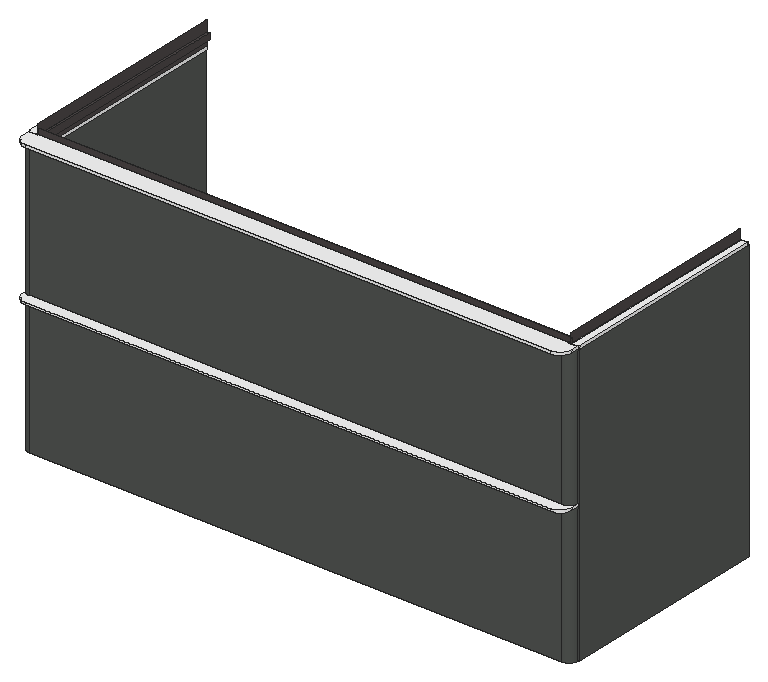
Revit family "vanity unit with 2 drawers", category Furniture, Revit 2019 (continued)
Definition of nested family "vanity unit 1180_475 with 2 drawers for washbasin-54037670-natural oak-matt_black-400_content"
  Forms (mm)
    Extrusion 3, solid, visible <- "ContentVisible", detail levels medium+fine
      sketch origin (0, 0, 0) x (1, 0, 0) y (0, 1, 0)
        loop
          line (574, 0) -> (574, -455) -> (587, -455)
          arc (587, -455) -> (589.121, -454.121) -> (590, -452) r 3
          line (590, -452) -> (590, 0) -> (574, 0)
      from 0 to 600
    Extrusion 4, solid, visible <- "ContentVisible", detail levels medium+fine
      sketch origin (0, 0, 2) x (1, 0, 0) y (0, 1, 0)
        loop
          line (-574, -72) -> (-574, -88) -> (574, -88) -> (574, -72) -> (-574, -72)
      from 0 to 126
    Extrusion 5, solid, visible <- "ContentVisible", detail levels medium+fine
      sketch origin (0, 0, 2) x (1, 0, 0) y (0, 1, 0)
        loop
          arc (-590, -457) -> (-584.435, -470.435) -> (-571, -476) r 19
          line (-571, -476) -> (571, -476)
          arc (571, -476) -> (584.435, -470.435) -> (590, -457) r 19
          line (590, -457) -> (590, -455) -> (-590, -455) -> (-590, -457)
      from 0 to 295
    Extrusion 6, solid, visible <- "ContentVisible", detail levels medium+fine
      sketch origin (0, 0, 305) x (1, 0, 0) y (0, 1, 0)
        loop
          arc (-590, -457) -> (-584.435, -470.435) -> (-571, -476) r 19
          line (-571, -476) -> (571, -476)
          arc (571, -476) -> (584.435, -470.435) -> (590, -457) r 19
          line (590, -457) -> (590, -455) -> (-590, -455) -> (-590, -457)
      from 0 to 295
    Extrusion 7, solid, visible <- "ContentVisible", detail levels medium+fine
      sketch origin (0, 0, 297) x (1, 0, 0) y (0, 1, 0)
        loop
          line (-588.5, -455) -> (-588.5, -471)
          arc (-588.5, -471) -> (-581.178, -488.678) -> (-563.5, -496) r 25
          line (-563.5, -496) -> (563.5, -496)
          arc (563.5, -496) -> (581.178, -488.678) -> (588.5, -471) r 25
          line (588.5, -471) -> (588.5, -455) -> (568.5, -455) -> (568.5, -453.5) -> (-568.5, -453.5) -> (-568.5, -455) -> (-588.5, -455)
      from 0 to 5
    Extrusion 8, solid, visible <- "ContentVisible", detail levels medium+fine
      sketch origin (0, 0, 0) x (0, 0, -1) y (0, 1, 0)
        loop
          line (-297, -453.5) -> (-297, -455) -> (-267, -455) -> (-267, -453.5) -> (-297, -453.5)
      from -568.5 to 568.5
    Extrusion 9, solid, visible <- "ContentVisible", detail levels medium+fine
      sketch origin (0, 0, 600) x (1, 0, 0) y (0, 1, 0)
        loop
          line (-588.5, -455) -> (-588.5, -471)
          arc (-588.5, -471) -> (-581.178, -488.678) -> (-563.5, -496) r 25
          line (-563.5, -496) -> (563.5, -496)
          arc (563.5, -496) -> (581.178, -488.678) -> (588.5, -471) r 25
          line (588.5, -471) -> (588.5, -455) -> (568.5, -455) -> (568.5, -453.5) -> (-568.5, -453.5) -> (-568.5, -455) -> (-588.5, -455)
      from 0 to 5
    Extrusion 10, solid, visible <- "ContentVisible", detail levels medium+fine
      sketch origin (0, 0, 0) x (0, 0, -1) y (0, 1, 0)
        loop
          line (-600, -453.5) -> (-600, -455) -> (-570, -455) -> (-570, -453.5) -> (-600, -453.5)
      from -568.5 to 568.5
    Extrusion 11, solid, visible <- "ContentVisible", detail levels medium+fine
      sketch origin (0, 0, 0) x (1, 0, 0) y (0, 0, -1)
        loop
          line (-574, -566.8) -> (-574, -605) -> (-572.5, -605) -> (-572.5, -566.8) -> (-574, -566.8)
      from -455 to 0
    Extrusion 12, solid, visible <- "ContentVisible", detail levels medium+fine
      sketch origin (0, 0, 0) x (1, 0, 0) y (0, 0, -1)
        loop
          line (572.5, -566.8) -> (572.5, -605) -> (574, -605) -> (574, -566.8) -> (572.5, -566.8)
      from -455 to 0
    Extrusion 13, solid, visible <- "ContentVisible", detail levels medium+fine
      sketch origin (0, 0, 600) x (1, 0, 0) y (0, 1, 0)
        loop
          line (-590, -3) -> (-590, -452)
          arc (-590, -452) -> (-589.121, -454.121) -> (-587, -455) r 3
          line (-587, -455) -> (-574, -455) -> (-574, 0) -> (-587, 0)
          arc (-587, 0) -> (-589.121, -0.879) -> (-590, -3) r 3
      from 0 to 5
    Extrusion 14, solid, visible <- "ContentVisible", detail levels medium+fine
      sketch origin (0, 0, 600) x (1, 0, 0) y (0, 1, 0)
        loop
          line (574, 0) -> (574, -455) -> (587, -455)
          arc (587, -455) -> (589.121, -454.121) -> (590, -452) r 3
          line (590, -452) -> (590, -3)
          arc (590, -3) -> (589.121, -0.879) -> (587, 0) r 3
          line (587, 0) -> (574, 0)
      from 0 to 5
    Extrusion 15, solid, visible <- "ContentVisible", detail levels medium+fine
      sketch origin (0, 0, 0) x (1, 0, 0) y (0, 0, -1)
        loop
          line (-572.5, -575.3) -> (-572.5, -624.5) -> (-571, -624.5) -> (-571, -602.8) -> (-566.4, -602.8) -> (-566.4, -588.3) -> (-571, -588.3) -> (-571, -575.3) -> (-572.5, -575.3)
      from -453.5 to 0
    Extrusion 16, solid, visible <- "ContentVisible", detail levels medium+fine
      sketch origin (0, 0, 0) x (1, 0, 0) y (0, 0, -1)
        loop
          line (566.4, -588.3) -> (566.4, -602.8) -> (571, -602.8) -> (571, -624.5) -> (572.5, -624.5) -> (572.5, -575.3) -> (571, -575.3) -> (571, -588.3) -> (566.4, -588.3)
      from -453.5 to 0
    Extrusion 17, solid, visible <- "ContentVisible", detail levels medium+fine
      sketch origin (0, 0, 0) x (0, 0, -1) y (0, 1, 0)
        loop
          line (-616, -453.5) -> (-567, -453.5) -> (-567, -452) -> (-588.5, -452) -> (-588.5, -447.4) -> (-603, -447.4) -> (-603, -452) -> (-616, -452) -> (-616, -453.5)
      from -572.5 to 572.5
    Extrusion 18, solid, visible <- "ContentVisible", detail levels coarse
      sketch origin (0, -248, 0) x (1, 0, 0) y (0, 1, 0)
        loop
          line (-590, -248) -> (590, -248) -> (590, 248) -> (-590, 248) -> (-590, -248)
      from 0 to 624.5
  Dimensions and locks
    aligned and locked: level to plane 2
Definition of nested family "vanity unit 1180_475 with 2 drawers for washbasin-54037700-natural oak-matt_white-200_content"
  Parameters (values of type "Vanity unit 1180_475 with 2 drawers for washbasin-54037700-Natural Oak-MATT_WHITE-200_Content")
    etim7_EC011381 = "EC011381"
    WEIGHT = "45.5"
    UNSPSC = "56 | Furniture and Furnishings"
    UNIFORMATII = "E2010 | Fixed Furnishings"
    UNICLASS_2015_CODE = "40_30_78_05"
    UNICLASS2015 = "Pr_40_30_78_05 | Bathroom furniture"
    SURFACE = "MATT_WHITE"
    REGIONSET = "Worldwide"
    PRODUCTURL = "https://pro.hansgrohe.com/articledetail--54037000"
    PRODUCTGROUP = "vanity unit"
    PRODUCTFAMILY = "Xelu Q"
    PERMALINK = "54037XXX"
    OMNICLASS = "23-21 19 15 33 13 | Residential Bathroom Specialty Casework"
    OBJECTTYPE = "Object (single object)"
    OBERFLAECHE = "Natural Oak"
    NN = "Vanity Unit with 2 Drawers"
    NBSYN = "$BASENUMBER.-$ARTNR.-$OBERFLAECHE.-$SURFACE.-$LODLEVEL."
    NB = "Vanity unit 1180/475 with 2 drawers for washbasin-54037700-Natural Oak-MATT_WHITE-200"
    NAME = "Xelu Q Vanity unit Natural Oak 1180/475 with 2 drawers for washbasin"
    Model = "Vanity unit 1180/475 with 2 drawers for washbasin-54037700-Natural Oak-MATT_WHITE-200"
    Manufacturer = "Hansgrohe"
    MASTERFORMAT = "12 35 30.23 | Bathroom Casework"
    LODLEVEL = "200"
    LINA = "Vanity unit 1180/475 with 2 drawers for washbasin-54037700-Natural Oak-MATT_WHITE-200"
    L = 1180
    IFC = "Furnishing element"
    GTINCODE = "4059625455746"
    ETIM = "EC011381 | Bathroom furniture set"
    Default Elevation = 1219.2 mm
    DESIGN = "Germany"
    ContentVisible [instance] = yes
    CATALOG = "Hansgrohe"
    BIMOBJECT = "Sanitary: Compound units"
    BASENUMBER = "Vanity unit 1180/475 with 2 drawers for washbasin"
    ARTNR = "54037700"
  Reference planes
    plane 1 "Center (Front/Back)": y = 0
    plane 2: z = 0
    plane 3 "Center (Left/Right)": x = 0
  Forms (mm)
    Extrusion 1, solid, visible <- "ContentVisible", detail levels medium+fine
      sketch origin (0, 0, 0) x (1, 0, 0) y (0, 1, 0)
        loop
          line (-590, 0) -> (-590, -476) -> (590, -476) -> (590, 0) -> (574, 0) -> (574, -72) -> (-574, -72) -> (-574, 0) -> (-590, 0)
      from 0 to 600
    Extrusion 2, solid, visible <- "ContentVisible", detail levels medium+fine
      sketch origin (0, 0, 297) x (1, 0, 0) y (0, 1, 0)
        loop
          line (-588.5, -453.5) -> (-588.5, -496) -> (588.5, -496) -> (588.5, -453.5) -> (-588.5, -453.5)
      from 0 to 5
    Extrusion 3, solid, visible <- "ContentVisible", detail levels medium+fine
      sketch origin (0, 0, 600) x (1, 0, 0) y (0, 1, 0)
        loop
          line (-588.5, -453.5) -> (-588.5, -496) -> (588.5, -496) -> (588.5, -453.5) -> (-588.5, -453.5)
      from 0 to 5
    Extrusion 4, solid, visible <- "ContentVisible", detail levels medium+fine
      sketch origin (0, 0, 0) x (1, 0, 0) y (0, 0, -1)
        loop
          line (-574, -566.8) -> (-574, -605) -> (-572.5, -605) -> (-572.5, -566.8) -> (-574, -566.8)
      from -455 to 0
    Extrusion 5, solid, visible <- "ContentVisible", detail levels medium+fine
      sketch origin (0, 0, 0) x (1, 0, 0) y (0, 0, -1)
        loop
          line (572.5, -566.8) -> (572.5, -605) -> (574, -605) -> (574, -566.8) -> (572.5, -566.8)
      from -455 to 0
    Extrusion 6, solid, visible <- "ContentVisible", detail levels medium+fine
      sketch origin (0, 0, 600) x (1, 0, 0) y (0, 1, 0)
        loop
          line (-590, 0) -> (-590, -455) -> (-574, -455) -> (-574, 0) -> (-590, 0)
      from 0 to 5
    Extrusion 7, solid, visible <- "ContentVisible", detail levels medium+fine
      sketch origin (0, 0, 600) x (1, 0, 0) y (0, 1, 0)
        loop
          line (574, 0) -> (574, -455) -> (590, -455) -> (590, 0) -> (574, 0)
      from 0 to 5
    Extrusion 8, solid, visible <- "ContentVisible", detail levels medium+fine
      sketch origin (0, 0, 0) x (1, 0, 0) y (0, 0, -1)
        loop
          line (-572.5, -575.3) -> (-572.5, -624.5) -> (-566.4, -624.5) -> (-566.4, -575.3) -> (-572.5, -575.3)
      from -453.5 to 0
    Extrusion 9, solid, visible <- "ContentVisible", detail levels medium+fine
      sketch origin (0, 0, 0) x (1, 0, 0) y (0, 0, -1)
        loop
          line (566.4, -575.3) -> (566.4, -624.5) -> (572.5, -624.5) -> (572.5, -575.3) -> (566.4, -575.3)
      from -453.5 to 0
    Extrusion 10, solid, visible <- "ContentVisible", detail levels medium+fine
      sketch origin (0, 0, 0) x (0, 0, -1) y (0, 1, 0)
        loop
          line (-616, -453.5) -> (-567, -453.5) -> (-567, -447.4) -> (-616, -447.4) -> (-616, -453.5)
      from -572.5 to 572.5
    Extrusion 11, solid, visible <- "ContentVisible", detail levels coarse
      sketch origin (0, -248, 0) x (1, 0, 0) y (0, 1, 0)
        loop
          line (-590, -248) -> (590, -248) -> (590, 248) -> (-590, 248) -> (-590, -248)
      from 0 to 624.5
  Dimensions and locks
    aligned and locked: level to plane 2
Definition of nested family "vanity unit 1180_475 with 2 drawers for washbasin-54037700-natural oak-matt_white-400_content"
  Parameters (values of type "Vanity unit 1180_475 with 2 drawers for washbasin-54037700-Natural Oak-MATT_WHITE-400_Content")
    etim7_EC011381 = "EC011381"
    WEIGHT = "45.5"
    UNSPSC = "56 | Furniture and Furnishings"
    UNIFORMATII = "E2010 | Fixed Furnishings"
    UNICLASS_2015_CODE = "40_30_78_05"
    UNICLASS2015 = "Pr_40_30_78_05 | Bathroom furniture"
    SURFACE = "MATT_WHITE"
    REGIONSET = "Worldwide"
    PRODUCTURL = "https://pro.hansgrohe.com/articledetail--54037000"
    PRODUCTGROUP = "vanity unit"
    PRODUCTFAMILY = "Xelu Q"
    PERMALINK = "54037XXX"
    OMNICLASS = "23-21 19 15 33 13 | Residential Bathroom Specialty Casework"
    OBJECTTYPE = "Object (single object)"
    OBERFLAECHE = "Natural Oak"
    NN = "Vanity Unit with 2 Drawers"
    NBSYN = "$BASENUMBER.-$ARTNR.-$OBERFLAECHE.-$SURFACE.-$LODLEVEL."
    NB = "Vanity unit 1180/475 with 2 drawers for washbasin-54037700-Natural Oak-MATT_WHITE-400"
    NAME = "Xelu Q Vanity unit Natural Oak 1180/475 with 2 drawers for washbasin"
    Model = "Vanity unit 1180/475 with 2 drawers for washbasin-54037700-Natural Oak-MATT_WHITE-400"
    Manufacturer = "Hansgrohe"
    MASTERFORMAT = "12 35 30.23 | Bathroom Casework"
    LODLEVEL = "400"
    LINA = "Vanity unit 1180/475 with 2 drawers for washbasin-54037700-Natural Oak-MATT_WHITE-400"
    L = 1180
    IFC = "Furnishing element"
    GTINCODE = "4059625455746"
    ETIM = "EC011381 | Bathroom furniture set"
    Default Elevation = 1219.2 mm
    DESIGN = "Germany"
    ContentVisible [instance] = yes
    CATALOG = "Hansgrohe"
    BIMOBJECT = "Sanitary: Compound units"
    BASENUMBER = "Vanity unit 1180/475 with 2 drawers for washbasin"
    ARTNR = "54037700"
  Reference planes
    plane 1 "Center (Front/Back)": y = 0
    plane 2: z = 0
    plane 3 "Center (Left/Right)": x = 0
  Forms (mm)
    Extrusion 1, solid, visible <- "ContentVisible", detail levels medium+fine
      sketch origin (0, 0, 0) x (1, 0, 0) y (0, 1, 0)
        loop
          line (-590, 0) -> (-590, -452)
          arc (-590, -452) -> (-589.121, -454.121) -> (-587, -455) r 3
          line (-587, -455) -> (-574, -455) -> (-574, 0) -> (-590, 0)
      from 0 to 600
    Extrusion 2, solid, visible <- "ContentVisible", detail levels medium+fine
      sketch origin (0, 0, 2) x (1, 0, 0) y (0, 1, 0)
        loop
          line (-574, -88) -> (-574, -455) -> (574, -455) -> (574, -88) -> (-574, -88)
      from 0 to 16
    Extrusion 3, solid, visible <- "ContentVisible", detail levels medium+fine
      sketch origin (0, 0, 0) x (1, 0, 0) y (0, 1, 0)
        loop
          line (574, 0) -> (574, -455) -> (587, -455)
          arc (587, -455) -> (589.121, -454.121) -> (590, -452) r 3
          line (590, -452) -> (590, 0) -> (574, 0)
      from 0 to 600
    Extrusion 4, solid, visible <- "ContentVisible", detail levels medium+fine
      sketch origin (0, 0, 2) x (1, 0, 0) y (0, 1, 0)
        loop
          line (-574, -72) -> (-574, -88) -> (574, -88) -> (574, -72) -> (-574, -72)
      from 0 to 126
    Extrusion 5, solid, visible <- "ContentVisible", detail levels medium+fine
      sketch origin (0, 0, 2) x (1, 0, 0) y (0, 1, 0)
        loop
          arc (-590, -457) -> (-584.435, -470.435) -> (-571, -476) r 19
          line (-571, -476) -> (571, -476)
          arc (571, -476) -> (584.435, -470.435) -> (590, -457) r 19
          line (590, -457) -> (590, -455) -> (-590, -455) -> (-590, -457)
      from 0 to 295
    Extrusion 6, solid, visible <- "ContentVisible", detail levels medium+fine
      sketch origin (0, 0, 305) x (1, 0, 0) y (0, 1, 0)
        loop
          arc (-590, -457) -> (-584.435, -470.435) -> (-571, -476) r 19
          line (-571, -476) -> (571, -476)
          arc (571, -476) -> (584.435, -470.435) -> (590, -457) r 19
          line (590, -457) -> (590, -455) -> (-590, -455) -> (-590, -457)
      from 0 to 295
    Extrusion 7, solid, visible <- "ContentVisible", detail levels medium+fine
      sketch origin (0, 0, 297) x (1, 0, 0) y (0, 1, 0)
        loop
          line (-588.5, -455) -> (-588.5, -471)
          arc (-588.5, -471) -> (-581.178, -488.678) -> (-563.5, -496) r 25
          line (-563.5, -496) -> (563.5, -496)
          arc (563.5, -496) -> (581.178, -488.678) -> (588.5, -471) r 25
          line (588.5, -471) -> (588.5, -455) -> (568.5, -455) -> (568.5, -453.5) -> (-568.5, -453.5) -> (-568.5, -455) -> (-588.5, -455)
      from 0 to 5
    Extrusion 8, solid, visible <- "ContentVisible", detail levels medium+fine
      sketch origin (0, 0, 0) x (0, 0, -1) y (0, 1, 0)
        loop
          line (-297, -453.5) -> (-297, -455) -> (-267, -455) -> (-267, -453.5) -> (-297, -453.5)
      from -568.5 to 568.5
    Extrusion 9, solid, visible <- "ContentVisible", detail levels medium+fine
      sketch origin (0, 0, 600) x (1, 0, 0) y (0, 1, 0)
        loop
          line (-588.5, -455) -> (-588.5, -471)
          arc (-588.5, -471) -> (-581.178, -488.678) -> (-563.5, -496) r 25
          line (-563.5, -496) -> (563.5, -496)
          arc (563.5, -496) -> (581.178, -488.678) -> (588.5, -471) r 25
          line (588.5, -471) -> (588.5, -455) -> (568.5, -455) -> (568.5, -453.5) -> (-568.5, -453.5) -> (-568.5, -455) -> (-588.5, -455)
      from 0 to 5
    Extrusion 10, solid, visible <- "ContentVisible", detail levels medium+fine
      sketch origin (0, 0, 0) x (0, 0, -1) y (0, 1, 0)
        loop
          line (-600, -453.5) -> (-600, -455) -> (-570, -455) -> (-570, -453.5) -> (-600, -453.5)
      from -568.5 to 568.5
    Extrusion 11, solid, visible <- "ContentVisible", detail levels medium+fine
      sketch origin (0, 0, 0) x (1, 0, 0) y (0, 0, -1)
        loop
          line (-574, -566.8) -> (-574, -605) -> (-572.5, -605) -> (-572.5, -566.8) -> (-574, -566.8)
      from -455 to 0
    Extrusion 12, solid, visible <- "ContentVisible", detail levels medium+fine
      sketch origin (0, 0, 0) x (1, 0, 0) y (0, 0, -1)
        loop
          line (572.5, -566.8) -> (572.5, -605) -> (574, -605) -> (574, -566.8) -> (572.5, -566.8)
      from -455 to 0
    Extrusion 13, solid, visible <- "ContentVisible", detail levels medium+fine
      sketch origin (0, 0, 600) x (1, 0, 0) y (0, 1, 0)
        loop
          line (-590, -3) -> (-590, -452)
          arc (-590, -452) -> (-589.121, -454.121) -> (-587, -455) r 3
          line (-587, -455) -> (-574, -455) -> (-574, 0) -> (-587, 0)
          arc (-587, 0) -> (-589.121, -0.879) -> (-590, -3) r 3
      from 0 to 5
    Extrusion 14, solid, visible <- "ContentVisible", detail levels medium+fine
      sketch origin (0, 0, 600) x (1, 0, 0) y (0, 1, 0)
        loop
          line (574, 0) -> (574, -455) -> (587, -455)
          arc (587, -455) -> (589.121, -454.121) -> (590, -452) r 3
          line (590, -452) -> (590, -3)
          arc (590, -3) -> (589.121, -0.879) -> (587, 0) r 3
          line (587, 0) -> (574, 0)
      from 0 to 5
    Extrusion 15, solid, visible <- "ContentVisible", detail levels medium+fine
      sketch origin (0, 0, 0) x (1, 0, 0) y (0, 0, -1)
        loop
          line (-572.5, -575.3) -> (-572.5, -624.5) -> (-571, -624.5) -> (-571, -602.8) -> (-566.4, -602.8) -> (-566.4, -588.3) -> (-571, -588.3) -> (-571, -575.3) -> (-572.5, -575.3)
      from -453.5 to 0
    Extrusion 16, solid, visible <- "ContentVisible", detail levels medium+fine
      sketch origin (0, 0, 0) x (1, 0, 0) y (0, 0, -1)
        loop
          line (566.4, -588.3) -> (566.4, -602.8) -> (571, -602.8) -> (571, -624.5) -> (572.5, -624.5) -> (572.5, -575.3) -> (571, -575.3) -> (571, -588.3) -> (566.4, -588.3)
      from -453.5 to 0
    Extrusion 17, solid, visible <- "ContentVisible", detail levels medium+fine
      sketch origin (0, 0, 0) x (0, 0, -1) y (0, 1, 0)
        loop
          line (-616, -453.5) -> (-567, -453.5) -> (-567, -452) -> (-588.5, -452) -> (-588.5, -447.4) -> (-603, -447.4) -> (-603, -452) -> (-616, -452) -> (-616, -453.5)
      from -572.5 to 572.5
    Extrusion 18, solid, visible <- "ContentVisible", detail levels coarse
      sketch origin (0, -248, 0) x (1, 0, 0) y (0, 1, 0)
        loop
          line (-590, -248) -> (590, -248) -> (590, 248) -> (-590, 248) -> (-590, -248)
      from 0 to 624.5
  Dimensions and locks
    aligned and locked: level to plane 2
Definition of nested family "vanity unit 1180_475 with 2 drawers for washbasin-54038000-dark walnut-chrome-200_content"
  Parameters (values of type "Vanity unit 1180_475 with 2 drawers for washbasin-54038000-Dark Walnut-CHROME-200_Content")
    etim7_EC011381 = "EC011381"
    WEIGHT = "45.5"
    UNSPSC = "56 | Furniture and Furnishings"
    UNIFORMATII = "E2010 | Fixed Furnishings"
    UNICLASS_2015_CODE = "40_30_78_05"
    UNICLASS2015 = "Pr_40_30_78_05 | Bathroom furniture"
    SURFACE = "CHROME"
    REGIONSET = "Worldwide"
    PRODUCTURL = "https://pro.hansgrohe.com/articledetail--54038000"
    PRODUCTGROUP = "vanity unit"
    PRODUCTFAMILY = "Xelu Q"
    PERMALINK = "54038XXX"
    OMNICLASS = "23-21 19 15 33 13 | Residential Bathroom Specialty Casework"
    OBJECTTYPE = "Object (single object)"
    OBERFLAECHE = "Dark Walnut"
    NN = "Vanity Unit with 2 Drawers"
    NBSYN = "$BASENUMBER.-$ARTNR.-$OBERFLAECHE.-$SURFACE.-$LODLEVEL."
    NB = "Vanity unit 1180/475 with 2 drawers for washbasin-54038000-Dark Walnut-CHROME-200"
    NAME = "Xelu Q Vanity unit Dark Walnut 1180/475 with 2 drawers for washbasin"
    Model = "Vanity unit 1180/475 with 2 drawers for washbasin-54038000-Dark Walnut-CHROME-200"
    Manufacturer = "Hansgrohe"
    MASTERFORMAT = "12 35 30.23 | Bathroom Casework"
    LODLEVEL = "200"
    LINA = "Vanity unit 1180/475 with 2 drawers for washbasin-54038000-Dark Walnut-CHROME-200"
    L = 1180
    IFC = "Furnishing element"
    GTINCODE = "4059625455715"
    ETIM = "EC011381 | Bathroom furniture set"
    Default Elevation = 1219.2 mm
    DESIGN = "Germany"
    ContentVisible [instance] = yes
    CATALOG = "Hansgrohe"
    BIMOBJECT = "Sanitary: Compound units"
    BASENUMBER = "Vanity unit 1180/475 with 2 drawers for washbasin"
    ARTNR = "54038000"
  Reference planes
    plane 1 "Center (Front/Back)": y = 0
    plane 2: z = 0
    plane 3 "Center (Left/Right)": x = 0
  Forms (mm)
    Extrusion 1, solid, visible <- "ContentVisible", detail levels medium+fine
      sketch origin (0, 0, 0) x (1, 0, 0) y (0, 1, 0)
        loop
          line (-590, 0) -> (-590, -476) -> (590, -476) -> (590, 0) -> (574, 0) -> (574, -72) -> (-574, -72) -> (-574, 0) -> (-590, 0)
      from 0 to 600
    Extrusion 2, solid, visible <- "ContentVisible", detail levels medium+fine
      sketch origin (0, 0, 297) x (1, 0, 0) y (0, 1, 0)
        loop
          line (-588.5, -453.5) -> (-588.5, -496) -> (588.5, -496) -> (588.5, -453.5) -> (-588.5, -453.5)
      from 0 to 5
    Extrusion 3, solid, visible <- "ContentVisible", detail levels medium+fine
      sketch origin (0, 0, 600) x (1, 0, 0) y (0, 1, 0)
        loop
          line (-588.5, -453.5) -> (-588.5, -496) -> (588.5, -496) -> (588.5, -453.5) -> (-588.5, -453.5)
      from 0 to 5
    Extrusion 4, solid, visible <- "ContentVisible", detail levels medium+fine
      sketch origin (0, 0, 0) x (1, 0, 0) y (0, 0, -1)
        loop
          line (-574, -566.8) -> (-574, -605) -> (-572.5, -605) -> (-572.5, -566.8) -> (-574, -566.8)
      from -455 to 0
    Extrusion 5, solid, visible <- "ContentVisible", detail levels medium+fine
      sketch origin (0, 0, 0) x (1, 0, 0) y (0, 0, -1)
        loop
          line (572.5, -566.8) -> (572.5, -605) -> (574, -605) -> (574, -566.8) -> (572.5, -566.8)
      from -455 to 0
    Extrusion 6, solid, visible <- "ContentVisible", detail levels medium+fine
      sketch origin (0, 0, 600) x (1, 0, 0) y (0, 1, 0)
        loop
          line (-590, 0) -> (-590, -455) -> (-574, -455) -> (-574, 0) -> (-590, 0)
      from 0 to 5
    Extrusion 7, solid, visible <- "ContentVisible", detail levels medium+fine
      sketch origin (0, 0, 600) x (1, 0, 0) y (0, 1, 0)
        loop
          line (574, 0) -> (574, -455) -> (590, -455) -> (590, 0) -> (574, 0)
      from 0 to 5
    Extrusion 8, solid, visible <- "ContentVisible", detail levels medium+fine
      sketch origin (0, 0, 0) x (1, 0, 0) y (0, 0, -1)
        loop
          line (-572.5, -575.3) -> (-572.5, -624.5) -> (-566.4, -624.5) -> (-566.4, -575.3) -> (-572.5, -575.3)
      from -453.5 to 0
    Extrusion 9, solid, visible <- "ContentVisible", detail levels medium+fine
      sketch origin (0, 0, 0) x (1, 0, 0) y (0, 0, -1)
        loop
          line (566.4, -575.3) -> (566.4, -624.5) -> (572.5, -624.5) -> (572.5, -575.3) -> (566.4, -575.3)
      from -453.5 to 0
    Extrusion 10, solid, visible <- "ContentVisible", detail levels medium+fine
      sketch origin (0, 0, 0) x (0, 0, -1) y (0, 1, 0)
        loop
          line (-616, -453.5) -> (-567, -453.5) -> (-567, -447.4) -> (-616, -447.4) -> (-616, -453.5)
      from -572.5 to 572.5
    Extrusion 11, solid, visible <- "ContentVisible", detail levels coarse
      sketch origin (0, -248, 0) x (1, 0, 0) y (0, 1, 0)
        loop
          line (-590, -248) -> (590, -248) -> (590, 248) -> (-590, 248) -> (-590, -248)
      from 0 to 624.5
  Dimensions and locks
    aligned and locked: level to plane 2
Definition of nested family "vanity unit 1180_475 with 2 drawers for washbasin-54038000-dark walnut-chrome-400_content"
  Parameters (values of type "Vanity unit 1180_475 with 2 drawers for washbasin-54038000-Dark Walnut-CHROME-400_Content")
    etim7_EC011381 = "EC011381"
    WEIGHT = "45.5"
    UNSPSC = "56 | Furniture and Furnishings"
    UNIFORMATII = "E2010 | Fixed Furnishings"
    UNICLASS_2015_CODE = "40_30_78_05"
    UNICLASS2015 = "Pr_40_30_78_05 | Bathroom furniture"
    SURFACE = "CHROME"
    REGIONSET = "Worldwide"
    PRODUCTURL = "https://pro.hansgrohe.com/articledetail--54038000"
    PRODUCTGROUP = "vanity unit"
    PRODUCTFAMILY = "Xelu Q"
    PERMALINK = "54038XXX"
    OMNICLASS = "23-21 19 15 33 13 | Residential Bathroom Specialty Casework"
    OBJECTTYPE = "Object (single object)"
    OBERFLAECHE = "Dark Walnut"
    NN = "Vanity Unit with 2 Drawers"
    NBSYN = "$BASENUMBER.-$ARTNR.-$OBERFLAECHE.-$SURFACE.-$LODLEVEL."
    NB = "Vanity unit 1180/475 with 2 drawers for washbasin-54038000-Dark Walnut-CHROME-400"
    NAME = "Xelu Q Vanity unit Dark Walnut 1180/475 with 2 drawers for washbasin"
    Model = "Vanity unit 1180/475 with 2 drawers for washbasin-54038000-Dark Walnut-CHROME-400"
    Manufacturer = "Hansgrohe"
    MASTERFORMAT = "12 35 30.23 | Bathroom Casework"
    LODLEVEL = "400"
    LINA = "Vanity unit 1180/475 with 2 drawers for washbasin-54038000-Dark Walnut-CHROME-400"
    L = 1180
    IFC = "Furnishing element"
    GTINCODE = "4059625455715"
    ETIM = "EC011381 | Bathroom furniture set"
    Default Elevation = 1219.2 mm
    DESIGN = "Germany"
    ContentVisible [instance] = yes
    CATALOG = "Hansgrohe"
    BIMOBJECT = "Sanitary: Compound units"
    BASENUMBER = "Vanity unit 1180/475 with 2 drawers for washbasin"
    ARTNR = "54038000"
  Reference planes
    plane 1 "Center (Front/Back)": y = 0
    plane 2: z = 0
    plane 3 "Center (Left/Right)": x = 0
  Forms (mm)
    Extrusion 1, solid, visible <- "ContentVisible", detail levels medium+fine
      sketch origin (0, 0, 0) x (1, 0, 0) y (0, 1, 0)
        loop
          line (-590, 0) -> (-590, -452)
          arc (-590, -452) -> (-589.121, -454.121) -> (-587, -455) r 3
          line (-587, -455) -> (-574, -455) -> (-574, 0) -> (-590, 0)
      from 0 to 600
    Extrusion 2, solid, visible <- "ContentVisible", detail levels medium+fine
      sketch origin (0, 0, 2) x (1, 0, 0) y (0, 1, 0)
        loop
          line (-574, -88) -> (-574, -455) -> (574, -455) -> (574, -88) -> (-574, -88)
      from 0 to 16
    Extrusion 3, solid, visible <- "ContentVisible", detail levels medium+fine
      sketch origin (0, 0, 0) x (1, 0, 0) y (0, 1, 0)
        loop
          line (574, 0) -> (574, -455) -> (587, -455)
          arc (587, -455) -> (589.121, -454.121) -> (590, -452) r 3
          line (590, -452) -> (590, 0) -> (574, 0)
      from 0 to 600
    Extrusion 4, solid, visible <- "ContentVisible", detail levels medium+fine
      sketch origin (0, 0, 2) x (1, 0, 0) y (0, 1, 0)
        loop
          line (-574, -72) -> (-574, -88) -> (574, -88) -> (574, -72) -> (-574, -72)
      from 0 to 126
    Extrusion 5, solid, visible <- "ContentVisible", detail levels medium+fine
      sketch origin (0, 0, 2) x (1, 0, 0) y (0, 1, 0)
        loop
          arc (-590, -457) -> (-584.435, -470.435) -> (-571, -476) r 19
          line (-571, -476) -> (571, -476)
          arc (571, -476) -> (584.435, -470.435) -> (590, -457) r 19
          line (590, -457) -> (590, -455) -> (-590, -455) -> (-590, -457)
      from 0 to 295
    Extrusion 6, solid, visible <- "ContentVisible", detail levels medium+fine
      sketch origin (0, 0, 305) x (1, 0, 0) y (0, 1, 0)
        loop
          arc (-590, -457) -> (-584.435, -470.435) -> (-571, -476) r 19
          line (-571, -476) -> (571, -476)
          arc (571, -476) -> (584.435, -470.435) -> (590, -457) r 19
          line (590, -457) -> (590, -455) -> (-590, -455) -> (-590, -457)
      from 0 to 295
    Extrusion 7, solid, visible <- "ContentVisible", detail levels medium+fine
      sketch origin (0, 0, 297) x (1, 0, 0) y (0, 1, 0)
        loop
          line (-588.5, -455) -> (-588.5, -471)
          arc (-588.5, -471) -> (-581.178, -488.678) -> (-563.5, -496) r 25
          line (-563.5, -496) -> (563.5, -496)
          arc (563.5, -496) -> (581.178, -488.678) -> (588.5, -471) r 25
          line (588.5, -471) -> (588.5, -455) -> (568.5, -455) -> (568.5, -453.5) -> (-568.5, -453.5) -> (-568.5, -455) -> (-588.5, -455)
      from 0 to 5
    Extrusion 8, solid, visible <- "ContentVisible", detail levels medium+fine
      sketch origin (0, 0, 0) x (0, 0, -1) y (0, 1, 0)
        loop
          line (-297, -453.5) -> (-297, -455) -> (-267, -455) -> (-267, -453.5) -> (-297, -453.5)
      from -568.5 to 568.5
    Extrusion 9, solid, visible <- "ContentVisible", detail levels medium+fine
      sketch origin (0, 0, 600) x (1, 0, 0) y (0, 1, 0)
        loop
          line (-588.5, -455) -> (-588.5, -471)
          arc (-588.5, -471) -> (-581.178, -488.678) -> (-563.5, -496) r 25
          line (-563.5, -496) -> (563.5, -496)
          arc (563.5, -496) -> (581.178, -488.678) -> (588.5, -471) r 25
          line (588.5, -471) -> (588.5, -455) -> (568.5, -455) -> (568.5, -453.5) -> (-568.5, -453.5) -> (-568.5, -455) -> (-588.5, -455)
      from 0 to 5
    Extrusion 10, solid, visible <- "ContentVisible", detail levels medium+fine
      sketch origin (0, 0, 0) x (0, 0, -1) y (0, 1, 0)
        loop
          line (-600, -453.5) -> (-600, -455) -> (-570, -455) -> (-570, -453.5) -> (-600, -453.5)
      from -568.5 to 568.5
    Extrusion 11, solid, visible <- "ContentVisible", detail levels medium+fine
      sketch origin (0, 0, 0) x (1, 0, 0) y (0, 0, -1)
        loop
          line (-574, -566.8) -> (-574, -605) -> (-572.5, -605) -> (-572.5, -566.8) -> (-574, -566.8)
      from -455 to 0
    Extrusion 12, solid, visible <- "ContentVisible", detail levels medium+fine
      sketch origin (0, 0, 0) x (1, 0, 0) y (0, 0, -1)
        loop
          line (572.5, -566.8) -> (572.5, -605) -> (574, -605) -> (574, -566.8) -> (572.5, -566.8)
      from -455 to 0
    Extrusion 13, solid, visible <- "ContentVisible", detail levels medium+fine
      sketch origin (0, 0, 600) x (1, 0, 0) y (0, 1, 0)
        loop
          line (-590, -3) -> (-590, -452)
          arc (-590, -452) -> (-589.121, -454.121) -> (-587, -455) r 3
          line (-587, -455) -> (-574, -455) -> (-574, 0) -> (-587, 0)
          arc (-587, 0) -> (-589.121, -0.879) -> (-590, -3) r 3
      from 0 to 5
    Extrusion 14, solid, visible <- "ContentVisible", detail levels medium+fine
      sketch origin (0, 0, 600) x (1, 0, 0) y (0, 1, 0)
        loop
          line (574, 0) -> (574, -455) -> (587, -455)
          arc (587, -455) -> (589.121, -454.121) -> (590, -452) r 3
          line (590, -452) -> (590, -3)
          arc (590, -3) -> (589.121, -0.879) -> (587, 0) r 3
          line (587, 0) -> (574, 0)
      from 0 to 5
    Extrusion 15, solid, visible <- "ContentVisible", detail levels medium+fine
      sketch origin (0, 0, 0) x (1, 0, 0) y (0, 0, -1)
        loop
          line (-572.5, -575.3) -> (-572.5, -624.5) -> (-571, -624.5) -> (-571, -602.8) -> (-566.4, -602.8) -> (-566.4, -588.3) -> (-571, -588.3) -> (-571, -575.3) -> (-572.5, -575.3)
      from -453.5 to 0
    Extrusion 16, solid, visible <- "ContentVisible", detail levels medium+fine
      sketch origin (0, 0, 0) x (1, 0, 0) y (0, 0, -1)
        loop
          line (566.4, -588.3) -> (566.4, -602.8) -> (571, -602.8) -> (571, -624.5) -> (572.5, -624.5) -> (572.5, -575.3) -> (571, -575.3) -> (571, -588.3) -> (566.4, -588.3)
      from -453.5 to 0
    Extrusion 17, solid, visible <- "ContentVisible", detail levels medium+fine
      sketch origin (0, 0, 0) x (0, 0, -1) y (0, 1, 0)
        loop
          line (-616, -453.5) -> (-567, -453.5) -> (-567, -452) -> (-588.5, -452) -> (-588.5, -447.4) -> (-603, -447.4) -> (-603, -452) -> (-616, -452) -> (-616, -453.5)
      from -572.5 to 572.5
    Extrusion 18, solid, visible <- "ContentVisible", detail levels coarse
      sketch origin (0, -248, 0) x (1, 0, 0) y (0, 1, 0)
        loop
          line (-590, -248) -> (590, -248) -> (590, 248) -> (-590, 248) -> (-590, -248)
      from 0 to 624.5
  Dimensions and locks
    aligned and locked: level to plane 2
Definition of nested family "vanity unit 1180_475 with 2 drawers for washbasin-54038670-dark walnut-matt_black-200_content"
  Parameters (values of type "Vanity unit 1180_475 with 2 drawers for washbasin-54038670-Dark Walnut-MATT_BLACK-200_Content")
    etim7_EC011381 = "EC011381"
    WEIGHT = "45.5"
    UNSPSC = "56 | Furniture and Furnishings"
    UNIFORMATII = "E2010 | Fixed Furnishings"
    UNICLASS_2015_CODE = "40_30_78_05"
    UNICLASS2015 = "Pr_40_30_78_05 | Bathroom furniture"
    SURFACE = "MATT_BLACK"
    REGIONSET = "Worldwide"
    PRODUCTURL = "https://pro.hansgrohe.com/articledetail--54038000"
    PRODUCTGROUP = "vanity unit"
    PRODUCTFAMILY = "Xelu Q"
    PERMALINK = "54038XXX"
    OMNICLASS = "23-21 19 15 33 13 | Residential Bathroom Specialty Casework"
    OBJECTTYPE = "Object (single object)"
    OBERFLAECHE = "Dark Walnut"
    NN = "Vanity Unit with 2 Drawers"
    NBSYN = "$BASENUMBER.-$ARTNR.-$OBERFLAECHE.-$SURFACE.-$LODLEVEL."
    NB = "Vanity unit 1180/475 with 2 drawers for washbasin-54038670-Dark Walnut-MATT_BLACK-200"
    NAME = "Xelu Q Vanity unit Dark Walnut 1180/475 with 2 drawers for washbasin"
    Model = "Vanity unit 1180/475 with 2 drawers for washbasin-54038670-Dark Walnut-MATT_BLACK-200"
    Manufacturer = "Hansgrohe"
    MASTERFORMAT = "12 35 30.23 | Bathroom Casework"
    LODLEVEL = "200"
    LINA = "Vanity unit 1180/475 with 2 drawers for washbasin-54038670-Dark Walnut-MATT_BLACK-200"
    L = 1180
    IFC = "Furnishing element"
    GTINCODE = "4059625455715"
    ETIM = "EC011381 | Bathroom furniture set"
    Default Elevation = 1219.2 mm
    DESIGN = "Germany"
    ContentVisible [instance] = yes
    CATALOG = "Hansgrohe"
    BIMOBJECT = "Sanitary: Compound units"
    BASENUMBER = "Vanity unit 1180/475 with 2 drawers for washbasin"
    ARTNR = "54038670"
  Reference planes
    plane 1 "Center (Front/Back)": y = 0
    plane 2: z = 0
    plane 3 "Center (Left/Right)": x = 0
  Forms (mm)
    Extrusion 1, solid, visible <- "ContentVisible", detail levels medium+fine
      sketch origin (0, 0, 0) x (1, 0, 0) y (0, 1, 0)
        loop
          line (-590, 0) -> (-590, -476) -> (590, -476) -> (590, 0) -> (574, 0) -> (574, -72) -> (-574, -72) -> (-574, 0) -> (-590, 0)
      from 0 to 600
    Extrusion 2, solid, visible <- "ContentVisible", detail levels medium+fine
      sketch origin (0, 0, 297) x (1, 0, 0) y (0, 1, 0)
        loop
          line (-588.5, -453.5) -> (-588.5, -496) -> (588.5, -496) -> (588.5, -453.5) -> (-588.5, -453.5)
      from 0 to 5
    Extrusion 3, solid, visible <- "ContentVisible", detail levels medium+fine
      sketch origin (0, 0, 600) x (1, 0, 0) y (0, 1, 0)
        loop
          line (-588.5, -453.5) -> (-588.5, -496) -> (588.5, -496) -> (588.5, -453.5) -> (-588.5, -453.5)
      from 0 to 5
    Extrusion 4, solid, visible <- "ContentVisible", detail levels medium+fine
      sketch origin (0, 0, 0) x (1, 0, 0) y (0, 0, -1)
        loop
          line (-574, -566.8) -> (-574, -605) -> (-572.5, -605) -> (-572.5, -566.8) -> (-574, -566.8)
      from -455 to 0
    Extrusion 5, solid, visible <- "ContentVisible", detail levels medium+fine
      sketch origin (0, 0, 0) x (1, 0, 0) y (0, 0, -1)
        loop
          line (572.5, -566.8) -> (572.5, -605) -> (574, -605) -> (574, -566.8) -> (572.5, -566.8)
      from -455 to 0
    Extrusion 6, solid, visible <- "ContentVisible", detail levels medium+fine
      sketch origin (0, 0, 600) x (1, 0, 0) y (0, 1, 0)
        loop
          line (-590, 0) -> (-590, -455) -> (-574, -455) -> (-574, 0) -> (-590, 0)
      from 0 to 5
    Extrusion 7, solid, visible <- "ContentVisible", detail levels medium+fine
      sketch origin (0, 0, 600) x (1, 0, 0) y (0, 1, 0)
        loop
          line (574, 0) -> (574, -455) -> (590, -455) -> (590, 0) -> (574, 0)
      from 0 to 5
    Extrusion 8, solid, visible <- "ContentVisible", detail levels medium+fine
      sketch origin (0, 0, 0) x (1, 0, 0) y (0, 0, -1)
        loop
          line (-572.5, -575.3) -> (-572.5, -624.5) -> (-566.4, -624.5) -> (-566.4, -575.3) -> (-572.5, -575.3)
      from -453.5 to 0
    Extrusion 9, solid, visible <- "ContentVisible", detail levels medium+fine
      sketch origin (0, 0, 0) x (1, 0, 0) y (0, 0, -1)
        loop
          line (566.4, -575.3) -> (566.4, -624.5) -> (572.5, -624.5) -> (572.5, -575.3) -> (566.4, -575.3)
      from -453.5 to 0
    Extrusion 10, solid, visible <- "ContentVisible", detail levels medium+fine
      sketch origin (0, 0, 0) x (0, 0, -1) y (0, 1, 0)
        loop
          line (-616, -453.5) -> (-567, -453.5) -> (-567, -447.4) -> (-616, -447.4) -> (-616, -453.5)
      from -572.5 to 572.5
    Extrusion 11, solid, visible <- "ContentVisible", detail levels coarse
      sketch origin (0, -248, 0) x (1, 0, 0) y (0, 1, 0)
        loop
          line (-590, -248) -> (590, -248) -> (590, 248) -> (-590, 248) -> (-590, -248)
      from 0 to 624.5
  Dimensions and locks
    aligned and locked: level to plane 2
Definition of nested family "vanity unit 1180_475 with 2 drawers for washbasin-54038670-dark walnut-matt_black-400_content"
  Parameters (values of type "Vanity unit 1180_475 with 2 drawers for washbasin-54038670-Dark Walnut-MATT_BLACK-400_Content")
    etim7_EC011381 = "EC011381"
    WEIGHT = "45.5"
    UNSPSC = "56 | Furniture and Furnishings"
    UNIFORMATII = "E2010 | Fixed Furnishings"
    UNICLASS_2015_CODE = "40_30_78_05"
    UNICLASS2015 = "Pr_40_30_78_05 | Bathroom furniture"
    SURFACE = "MATT_BLACK"
    REGIONSET = "Worldwide"
    PRODUCTURL = "https://pro.hansgrohe.com/articledetail--54038000"
    PRODUCTGROUP = "vanity unit"
    PRODUCTFAMILY = "Xelu Q"
    PERMALINK = "54038XXX"
    OMNICLASS = "23-21 19 15 33 13 | Residential Bathroom Specialty Casework"
    OBJECTTYPE = "Object (single object)"
    OBERFLAECHE = "Dark Walnut"
    NN = "Vanity Unit with 2 Drawers"
    NBSYN = "$BASENUMBER.-$ARTNR.-$OBERFLAECHE.-$SURFACE.-$LODLEVEL."
    NB = "Vanity unit 1180/475 with 2 drawers for washbasin-54038670-Dark Walnut-MATT_BLACK-400"
    NAME = "Xelu Q Vanity unit Dark Walnut 1180/475 with 2 drawers for washbasin"
    Model = "Vanity unit 1180/475 with 2 drawers for washbasin-54038670-Dark Walnut-MATT_BLACK-400"
    Manufacturer = "Hansgrohe"
    MASTERFORMAT = "12 35 30.23 | Bathroom Casework"
    LODLEVEL = "400"
    LINA = "Vanity unit 1180/475 with 2 drawers for washbasin-54038670-Dark Walnut-MATT_BLACK-400"
    L = 1180
    IFC = "Furnishing element"
    GTINCODE = "4059625455715"
    ETIM = "EC011381 | Bathroom furniture set"
    Default Elevation = 1219.2 mm
    DESIGN = "Germany"
    ContentVisible [instance] = yes
    CATALOG = "Hansgrohe"
    BIMOBJECT = "Sanitary: Compound units"
    BASENUMBER = "Vanity unit 1180/475 with 2 drawers for washbasin"
    ARTNR = "54038670"
  Reference planes
    plane 1 "Center (Front/Back)": y = 0
    plane 2: z = 0
    plane 3 "Center (Left/Right)": x = 0
  Forms (mm)
    Extrusion 1, solid, visible <- "ContentVisible", detail levels medium+fine
      sketch origin (0, 0, 0) x (1, 0, 0) y (0, 1, 0)
        loop
          line (-590, 0) -> (-590, -452)
          arc (-590, -452) -> (-589.121, -454.121) -> (-587, -455) r 3
          line (-587, -455) -> (-574, -455) -> (-574, 0) -> (-590, 0)
      from 0 to 600
    Extrusion 2, solid, visible <- "ContentVisible", detail levels medium+fine
      sketch origin (0, 0, 2) x (1, 0, 0) y (0, 1, 0)
        loop
          line (-574, -88) -> (-574, -455) -> (574, -455) -> (574, -88) -> (-574, -88)
      from 0 to 16
    Extrusion 3, solid, visible <- "ContentVisible", detail levels medium+fine
      sketch origin (0, 0, 0) x (1, 0, 0) y (0, 1, 0)
        loop
          line (574, 0) -> (574, -455) -> (587, -455)
          arc (587, -455) -> (589.121, -454.121) -> (590, -452) r 3
          line (590, -452) -> (590, 0) -> (574, 0)
      from 0 to 600
    Extrusion 4, solid, visible <- "ContentVisible", detail levels medium+fine
      sketch origin (0, 0, 2) x (1, 0, 0) y (0, 1, 0)
        loop
          line (-574, -72) -> (-574, -88) -> (574, -88) -> (574, -72) -> (-574, -72)
      from 0 to 126
    Extrusion 5, solid, visible <- "ContentVisible", detail levels medium+fine
      sketch origin (0, 0, 2) x (1, 0, 0) y (0, 1, 0)
        loop
          arc (-590, -457) -> (-584.435, -470.435) -> (-571, -476) r 19
          line (-571, -476) -> (571, -476)
          arc (571, -476) -> (584.435, -470.435) -> (590, -457) r 19
          line (590, -457) -> (590, -455) -> (-590, -455) -> (-590, -457)
      from 0 to 295
    Extrusion 6, solid, visible <- "ContentVisible", detail levels medium+fine
      sketch origin (0, 0, 305) x (1, 0, 0) y (0, 1, 0)
        loop
          arc (-590, -457) -> (-584.435, -470.435) -> (-571, -476) r 19
          line (-571, -476) -> (571, -476)
          arc (571, -476) -> (584.435, -470.435) -> (590, -457) r 19
          line (590, -457) -> (590, -455) -> (-590, -455) -> (-590, -457)
      from 0 to 295
    Extrusion 7, solid, visible <- "ContentVisible", detail levels medium+fine
      sketch origin (0, 0, 297) x (1, 0, 0) y (0, 1, 0)
        loop
          line (-588.5, -455) -> (-588.5, -471)
          arc (-588.5, -471) -> (-581.178, -488.678) -> (-563.5, -496) r 25
          line (-563.5, -496) -> (563.5, -496)
          arc (563.5, -496) -> (581.178, -488.678) -> (588.5, -471) r 25
          line (588.5, -471) -> (588.5, -455) -> (568.5, -455) -> (568.5, -453.5) -> (-568.5, -453.5) -> (-568.5, -455) -> (-588.5, -455)
      from 0 to 5
    Extrusion 8, solid, visible <- "ContentVisible", detail levels medium+fine
      sketch origin (0, 0, 0) x (0, 0, -1) y (0, 1, 0)
        loop
          line (-297, -453.5) -> (-297, -455) -> (-267, -455) -> (-267, -453.5) -> (-297, -453.5)
      from -568.5 to 568.5
    Extrusion 9, solid, visible <- "ContentVisible", detail levels medium+fine
      sketch origin (0, 0, 600) x (1, 0, 0) y (0, 1, 0)
        loop
          line (-588.5, -455) -> (-588.5, -471)
          arc (-588.5, -471) -> (-581.178, -488.678) -> (-563.5, -496) r 25
          line (-563.5, -496) -> (563.5, -496)
          arc (563.5, -496) -> (581.178, -488.678) -> (588.5, -471) r 25
          line (588.5, -471) -> (588.5, -455) -> (568.5, -455) -> (568.5, -453.5) -> (-568.5, -453.5) -> (-568.5, -455) -> (-588.5, -455)
      from 0 to 5
    Extrusion 10, solid, visible <- "ContentVisible", detail levels medium+fine
      sketch origin (0, 0, 0) x (0, 0, -1) y (0, 1, 0)
        loop
          line (-600, -453.5) -> (-600, -455) -> (-570, -455) -> (-570, -453.5) -> (-600, -453.5)
      from -568.5 to 568.5
    Extrusion 11, solid, visible <- "ContentVisible", detail levels medium+fine
      sketch origin (0, 0, 0) x (1, 0, 0) y (0, 0, -1)
        loop
          line (-574, -566.8) -> (-574, -605) -> (-572.5, -605) -> (-572.5, -566.8) -> (-574, -566.8)
      from -455 to 0
    Extrusion 12, solid, visible <- "ContentVisible", detail levels medium+fine
      sketch origin (0, 0, 0) x (1, 0, 0) y (0, 0, -1)
        loop
          line (572.5, -566.8) -> (572.5, -605) -> (574, -605) -> (574, -566.8) -> (572.5, -566.8)
      from -455 to 0
    Extrusion 13, solid, visible <- "ContentVisible", detail levels medium+fine
      sketch origin (0, 0, 600) x (1, 0, 0) y (0, 1, 0)
        loop
          line (-590, -3) -> (-590, -452)
          arc (-590, -452) -> (-589.121, -454.121) -> (-587, -455) r 3
          line (-587, -455) -> (-574, -455) -> (-574, 0) -> (-587, 0)
          arc (-587, 0) -> (-589.121, -0.879) -> (-590, -3) r 3
      from 0 to 5
    Extrusion 14, solid, visible <- "ContentVisible", detail levels medium+fine
      sketch origin (0, 0, 600) x (1, 0, 0) y (0, 1, 0)
        loop
          line (574, 0) -> (574, -455) -> (587, -455)
          arc (587, -455) -> (589.121, -454.121) -> (590, -452) r 3
          line (590, -452) -> (590, -3)
          arc (590, -3) -> (589.121, -0.879) -> (587, 0) r 3
          line (587, 0) -> (574, 0)
      from 0 to 5
    Extrusion 15, solid, visible <- "ContentVisible", detail levels medium+fine
      sketch origin (0, 0, 0) x (1, 0, 0) y (0, 0, -1)
        loop
          line (-572.5, -575.3) -> (-572.5, -624.5) -> (-571, -624.5) -> (-571, -602.8) -> (-566.4, -602.8) -> (-566.4, -588.3) -> (-571, -588.3) -> (-571, -575.3) -> (-572.5, -575.3)
      from -453.5 to 0
    Extrusion 16, solid, visible <- "ContentVisible", detail levels medium+fine
      sketch origin (0, 0, 0) x (1, 0, 0) y (0, 0, -1)
        loop
          line (566.4, -588.3) -> (566.4, -602.8) -> (571, -602.8) -> (571, -624.5) -> (572.5, -624.5) -> (572.5, -575.3) -> (571, -575.3) -> (571, -588.3) -> (566.4, -588.3)
      from -453.5 to 0
    Extrusion 17, solid, visible <- "ContentVisible", detail levels medium+fine
      sketch origin (0, 0, 0) x (0, 0, -1) y (0, 1, 0)
        loop
          line (-616, -453.5) -> (-567, -453.5) -> (-567, -452) -> (-588.5, -452) -> (-588.5, -447.4) -> (-603, -447.4) -> (-603, -452) -> (-616, -452) -> (-616, -453.5)
      from -572.5 to 572.5
    Extrusion 18, solid, visible <- "ContentVisible", detail levels coarse
      sketch origin (0, -248, 0) x (1, 0, 0) y (0, 1, 0)
        loop
          line (-590, -248) -> (590, -248) -> (590, 248) -> (-590, 248) -> (-590, -248)
      from 0 to 624.5
  Dimensions and locks
    aligned and locked: level to plane 2
Definition of nested family "vanity unit 1180_475 with 2 drawers for washbasin-54038700-dark walnut-matt_white-200_content"
  Parameters (values of type "Vanity unit 1180_475 with 2 drawers for washbasin-54038700-Dark Walnut-MATT_WHITE-200_Content")
    etim7_EC011381 = "EC011381"
    WEIGHT = "45.5"
    UNSPSC = "56 | Furniture and Furnishings"
    UNIFORMATII = "E2010 | Fixed Furnishings"
    UNICLASS_2015_CODE = "40_30_78_05"
    UNICLASS2015 = "Pr_40_30_78_05 | Bathroom furniture"
    SURFACE = "MATT_WHITE"
    REGIONSET = "Worldwide"
    PRODUCTURL = "https://pro.hansgrohe.com/articledetail--54038000"
    PRODUCTGROUP = "vanity unit"
    PRODUCTFAMILY = "Xelu Q"
    PERMALINK = "54038XXX"
    OMNICLASS = "23-21 19 15 33 13 | Residential Bathroom Specialty Casework"
    OBJECTTYPE = "Object (single object)"
    OBERFLAECHE = "Dark Walnut"
    NN = "Vanity Unit with 2 Drawers"
    NBSYN = "$BASENUMBER.-$ARTNR.-$OBERFLAECHE.-$SURFACE.-$LODLEVEL."
    NB = "Vanity unit 1180/475 with 2 drawers for washbasin-54038700-Dark Walnut-MATT_WHITE-200"
    NAME = "Xelu Q Vanity unit Dark Walnut 1180/475 with 2 drawers for washbasin"
    Model = "Vanity unit 1180/475 with 2 drawers for washbasin-54038700-Dark Walnut-MATT_WHITE-200"
    Manufacturer = "Hansgrohe"
    MASTERFORMAT = "12 35 30.23 | Bathroom Casework"
    LODLEVEL = "200"
    LINA = "Vanity unit 1180/475 with 2 drawers for washbasin-54038700-Dark Walnut-MATT_WHITE-200"
    L = 1180
    IFC = "Furnishing element"
    GTINCODE = "4059625455715"
    ETIM = "EC011381 | Bathroom furniture set"
    Default Elevation = 1219.2 mm
    DESIGN = "Germany"
    ContentVisible [instance] = yes
    CATALOG = "Hansgrohe"
    BIMOBJECT = "Sanitary: Compound units"
    BASENUMBER = "Vanity unit 1180/475 with 2 drawers for washbasin"
    ARTNR = "54038700"
  Reference planes
    plane 1 "Center (Front/Back)": y = 0
    plane 2: z = 0
    plane 3 "Center (Left/Right)": x = 0
  Forms (mm)
    Extrusion 1, solid, visible <- "ContentVisible", detail levels medium+fine
      sketch origin (0, 0, 0) x (1, 0, 0) y (0, 1, 0)
        loop
          line (-590, 0) -> (-590, -476) -> (590, -476) -> (590, 0) -> (574, 0) -> (574, -72) -> (-574, -72) -> (-574, 0) -> (-590, 0)
      from 0 to 600
    Extrusion 2, solid, visible <- "ContentVisible", detail levels medium+fine
      sketch origin (0, 0, 297) x (1, 0, 0) y (0, 1, 0)
        loop
          line (-588.5, -453.5) -> (-588.5, -496) -> (588.5, -496) -> (588.5, -453.5) -> (-588.5, -453.5)
      from 0 to 5
    Extrusion 3, solid, visible <- "ContentVisible", detail levels medium+fine
      sketch origin (0, 0, 600) x (1, 0, 0) y (0, 1, 0)
        loop
          line (-588.5, -453.5) -> (-588.5, -496) -> (588.5, -496) -> (588.5, -453.5) -> (-588.5, -453.5)
      from 0 to 5
    Extrusion 4, solid, visible <- "ContentVisible", detail levels medium+fine
      sketch origin (0, 0, 0) x (1, 0, 0) y (0, 0, -1)
        loop
          line (-574, -566.8) -> (-574, -605) -> (-572.5, -605) -> (-572.5, -566.8) -> (-574, -566.8)
      from -455 to 0
    Extrusion 5, solid, visible <- "ContentVisible", detail levels medium+fine
      sketch origin (0, 0, 0) x (1, 0, 0) y (0, 0, -1)
        loop
          line (572.5, -566.8) -> (572.5, -605) -> (574, -605) -> (574, -566.8) -> (572.5, -566.8)
      from -455 to 0
    Extrusion 6, solid, visible <- "ContentVisible", detail levels medium+fine
      sketch origin (0, 0, 600) x (1, 0, 0) y (0, 1, 0)
        loop
          line (-590, 0) -> (-590, -455) -> (-574, -455) -> (-574, 0) -> (-590, 0)
      from 0 to 5
    Extrusion 7, solid, visible <- "ContentVisible", detail levels medium+fine
      sketch origin (0, 0, 600) x (1, 0, 0) y (0, 1, 0)
        loop
          line (574, 0) -> (574, -455) -> (590, -455) -> (590, 0) -> (574, 0)
      from 0 to 5
    Extrusion 8, solid, visible <- "ContentVisible", detail levels medium+fine
      sketch origin (0, 0, 0) x (1, 0, 0) y (0, 0, -1)
        loop
          line (-572.5, -575.3) -> (-572.5, -624.5) -> (-566.4, -624.5) -> (-566.4, -575.3) -> (-572.5, -575.3)
      from -453.5 to 0
    Extrusion 9, solid, visible <- "ContentVisible", detail levels medium+fine
      sketch origin (0, 0, 0) x (1, 0, 0) y (0, 0, -1)
        loop
          line (566.4, -575.3) -> (566.4, -624.5) -> (572.5, -624.5) -> (572.5, -575.3) -> (566.4, -575.3)
      from -453.5 to 0
    Extrusion 10, solid, visible <- "ContentVisible", detail levels medium+fine
      sketch origin (0, 0, 0) x (0, 0, -1) y (0, 1, 0)
        loop
          line (-616, -453.5) -> (-567, -453.5) -> (-567, -447.4) -> (-616, -447.4) -> (-616, -453.5)
      from -572.5 to 572.5
    Extrusion 11, solid, visible <- "ContentVisible", detail levels coarse
      sketch origin (0, -248, 0) x (1, 0, 0) y (0, 1, 0)
        loop
          line (-590, -248) -> (590, -248) -> (590, 248) -> (-590, 248) -> (-590, -248)
      from 0 to 624.5
  Dimensions and locks
    aligned and locked: level to plane 2
Definition of nested family "vanity unit 1180_475 with 2 drawers for washbasin-54038700-dark walnut-matt_white-400_content"
  Parameters (values of type "Vanity unit 1180_475 with 2 drawers for washbasin-54038700-Dark Walnut-MATT_WHITE-400_Content")
    etim7_EC011381 = "EC011381"
    WEIGHT = "45.5"
    UNSPSC = "56 | Furniture and Furnishings"
    UNIFORMATII = "E2010 | Fixed Furnishings"
    UNICLASS_2015_CODE = "40_30_78_05"
    UNICLASS2015 = "Pr_40_30_78_05 | Bathroom furniture"
    SURFACE = "MATT_WHITE"
    REGIONSET = "Worldwide"
    PRODUCTURL = "https://pro.hansgrohe.com/articledetail--54038000"
    PRODUCTGROUP = "vanity unit"
    PRODUCTFAMILY = "Xelu Q"
    PERMALINK = "54038XXX"
    OMNICLASS = "23-21 19 15 33 13 | Residential Bathroom Specialty Casework"
    OBJECTTYPE = "Object (single object)"
    OBERFLAECHE = "Dark Walnut"
    NN = "Vanity Unit with 2 Drawers"
    NBSYN = "$BASENUMBER.-$ARTNR.-$OBERFLAECHE.-$SURFACE.-$LODLEVEL."
    NB = "Vanity unit 1180/475 with 2 drawers for washbasin-54038700-Dark Walnut-MATT_WHITE-400"
    NAME = "Xelu Q Vanity unit Dark Walnut 1180/475 with 2 drawers for washbasin"
    Model = "Vanity unit 1180/475 with 2 drawers for washbasin-54038700-Dark Walnut-MATT_WHITE-400"
    Manufacturer = "Hansgrohe"
    MASTERFORMAT = "12 35 30.23 | Bathroom Casework"
    LODLEVEL = "400"
    LINA = "Vanity unit 1180/475 with 2 drawers for washbasin-54038700-Dark Walnut-MATT_WHITE-400"
    L = 1180
    IFC = "Furnishing element"
    GTINCODE = "4059625455715"
    ETIM = "EC011381 | Bathroom furniture set"
    Default Elevation = 1219.2 mm
    DESIGN = "Germany"
    ContentVisible [instance] = yes
    CATALOG = "Hansgrohe"
    BIMOBJECT = "Sanitary: Compound units"
    BASENUMBER = "Vanity unit 1180/475 with 2 drawers for washbasin"
    ARTNR = "54038700"
  Reference planes
    plane 1 "Center (Front/Back)": y = 0
    plane 2: z = 0
    plane 3 "Center (Left/Right)": x = 0
  Forms (mm)
    Extrusion 1, solid, visible <- "ContentVisible", detail levels medium+fine
      sketch origin (0, 0, 0) x (1, 0, 0) y (0, 1, 0)
        loop
          line (-590, 0) -> (-590, -452)
          arc (-590, -452) -> (-589.121, -454.121) -> (-587, -455) r 3
          line (-587, -455) -> (-574, -455) -> (-574, 0) -> (-590, 0)
      from 0 to 600
    Extrusion 2, solid, visible <- "ContentVisible", detail levels medium+fine
      sketch origin (0, 0, 2) x (1, 0, 0) y (0, 1, 0)
        loop
          line (-574, -88) -> (-574, -455) -> (574, -455) -> (574, -88) -> (-574, -88)
      from 0 to 16
    Extrusion 3, solid, visible <- "ContentVisible", detail levels medium+fine
      sketch origin (0, 0, 0) x (1, 0, 0) y (0, 1, 0)
        loop
          line (574, 0) -> (574, -455) -> (587, -455)
          arc (587, -455) -> (589.121, -454.121) -> (590, -452) r 3
          line (590, -452) -> (590, 0) -> (574, 0)
      from 0 to 600
    Extrusion 4, solid, visible <- "ContentVisible", detail levels medium+fine
      sketch origin (0, 0, 2) x (1, 0, 0) y (0, 1, 0)
        loop
          line (-574, -72) -> (-574, -88) -> (574, -88) -> (574, -72) -> (-574, -72)
      from 0 to 126
    Extrusion 5, solid, visible <- "ContentVisible", detail levels medium+fine
      sketch origin (0, 0, 2) x (1, 0, 0) y (0, 1, 0)
        loop
          arc (-590, -457) -> (-584.435, -470.435) -> (-571, -476) r 19
          line (-571, -476) -> (571, -476)
          arc (571, -476) -> (584.435, -470.435) -> (590, -457) r 19
          line (590, -457) -> (590, -455) -> (-590, -455) -> (-590, -457)
      from 0 to 295
    Extrusion 6, solid, visible <- "ContentVisible", detail levels medium+fine
      sketch origin (0, 0, 305) x (1, 0, 0) y (0, 1, 0)
        loop
          arc (-590, -457) -> (-584.435, -470.435) -> (-571, -476) r 19
          line (-571, -476) -> (571, -476)
          arc (571, -476) -> (584.435, -470.435) -> (590, -457) r 19
          line (590, -457) -> (590, -455) -> (-590, -455) -> (-590, -457)
      from 0 to 295
    Extrusion 7, solid, visible <- "ContentVisible", detail levels medium+fine
      sketch origin (0, 0, 297) x (1, 0, 0) y (0, 1, 0)
        loop
          line (-588.5, -455) -> (-588.5, -471)
          arc (-588.5, -471) -> (-581.178, -488.678) -> (-563.5, -496) r 25
          line (-563.5, -496) -> (563.5, -496)
          arc (563.5, -496) -> (581.178, -488.678) -> (588.5, -471) r 25
          line (588.5, -471) -> (588.5, -455) -> (568.5, -455) -> (568.5, -453.5) -> (-568.5, -453.5) -> (-568.5, -455) -> (-588.5, -455)
      from 0 to 5
    Extrusion 8, solid, visible <- "ContentVisible", detail levels medium+fine
      sketch origin (0, 0, 0) x (0, 0, -1) y (0, 1, 0)
        loop
          line (-297, -453.5) -> (-297, -455) -> (-267, -455) -> (-267, -453.5) -> (-297, -453.5)
      from -568.5 to 568.5
    Extrusion 9, solid, visible <- "ContentVisible", detail levels medium+fine
      sketch origin (0, 0, 600) x (1, 0, 0) y (0, 1, 0)
        loop
          line (-588.5, -455) -> (-588.5, -471)
          arc (-588.5, -471) -> (-581.178, -488.678) -> (-563.5, -496) r 25
          line (-563.5, -496) -> (563.5, -496)
          arc (563.5, -496) -> (581.178, -488.678) -> (588.5, -471) r 25
          line (588.5, -471) -> (588.5, -455) -> (568.5, -455) -> (568.5, -453.5) -> (-568.5, -453.5) -> (-568.5, -455) -> (-588.5, -455)
      from 0 to 5
    Extrusion 10, solid, visible <- "ContentVisible", detail levels medium+fine
      sketch origin (0, 0, 0) x (0, 0, -1) y (0, 1, 0)
        loop
          line (-600, -453.5) -> (-600, -455) -> (-570, -455) -> (-570, -453.5) -> (-600, -453.5)
      from -568.5 to 568.5
    Extrusion 11, solid, visible <- "ContentVisible", detail levels medium+fine
      sketch origin (0, 0, 0) x (1, 0, 0) y (0, 0, -1)
        loop
          line (-574, -566.8) -> (-574, -605) -> (-572.5, -605) -> (-572.5, -566.8) -> (-574, -566.8)
      from -455 to 0
    Extrusion 12, solid, visible <- "ContentVisible", detail levels medium+fine
      sketch origin (0, 0, 0) x (1, 0, 0) y (0, 0, -1)
        loop
          line (572.5, -566.8) -> (572.5, -605) -> (574, -605) -> (574, -566.8) -> (572.5, -566.8)
      from -455 to 0
    Extrusion 13, solid, visible <- "ContentVisible", detail levels medium+fine
      sketch origin (0, 0, 600) x (1, 0, 0) y (0, 1, 0)
        loop
          line (-590, -3) -> (-590, -452)
          arc (-590, -452) -> (-589.121, -454.121) -> (-587, -455) r 3
          line (-587, -455) -> (-574, -455) -> (-574, 0) -> (-587, 0)
          arc (-587, 0) -> (-589.121, -0.879) -> (-590, -3) r 3
      from 0 to 5
    Extrusion 14, solid, visible <- "ContentVisible", detail levels medium+fine
      sketch origin (0, 0, 600) x (1, 0, 0) y (0, 1, 0)
        loop
          line (574, 0) -> (574, -455) -> (587, -455)
          arc (587, -455) -> (589.121, -454.121) -> (590, -452) r 3
          line (590, -452) -> (590, -3)
